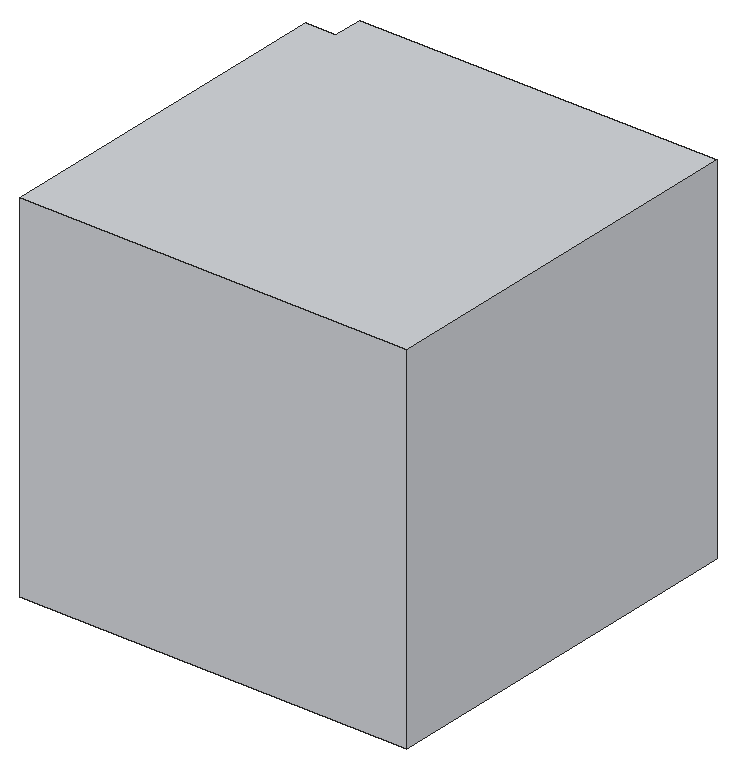
Revit family "M_Rectangular Elbow - Mitered - Double Thickness Vanes", category Duct Fittings, Revit 2014
Parameters (values of type "Standard")
  Vanes Space [instance] = Vanes Radius  # 75 mm
  Duct Width [instance] = 300 mm
  Shoulder Length [instance] = 25 mm
  Number [instance] = if((Length 1 + Length 2) / Vanes Space > 2, (Length 1 + Length 2) / Vanes Space, 2)  # 4
  Length 2 [instance] = if((Half Duct Width - Vanes Radius) > 0 mm, Half Duct Width - Vanes Radius, 25 mm)  # 75 mm
  Length 1 [instance] = Half Duct Width + Vanes Radius / 2  # 187.5 mm
  Duct Length1 [instance] = tan(Angle / 2) * Duct Width / 2 + Shoulder Length  # 175 mm
  Vanes Radius [instance] = Duct Width / 4  # 75 mm
  Duct Height [instance] = 300 mm
  Half Duct Width [instance] = Duct Width / 2  # 150 mm
  Half Duct Length 1 [instance] = Duct Length1 / 2  # 87.5 mm
  Half Duct Height [instance] = Duct Height / 2  # 150 mm
  Angle 2 [instance] = Angle / 2  # 45.00°
  Angle [instance] = 90.00°
Reference planes
  plane 1 "Center (Front/Back)": y = 0
  plane 2: z = 0
  plane 3 "Center (Left/Right)": x = 0
  plane 4: x = -175
Forms (mm)
  Sweep 1, solid, detail levels medium+fine
    path in 3D
      loop
        line (-175, 0, 0) -> (0, 0, 0) -> (0, 175, 0)
    profile "M_Duct - Rectangular : Duct - Rectangular" origin (-87.5, 0, 0) x (0, 1, 0) y (0, 0, 1)
      loop
        line (-150, 150) -> (-150, -150) -> (150, -150) -> (150, 150) -> (-150, 150)
Lines and regions (mm)
  reference lines
    curve 1: line (-175, 0, 0) -> (0, 0, 0)
    curve 6: line (0, 0, 0) -> (-132.583, 132.583, 0)
    curve 7: line (0, 0, 0) -> (53.033, -53.033, 0)
    curve 8: line (-132.583, 132.583, 0) -> (-186.464, 78.701, 0)
    curve 9: line (-79.55, 79.55, 0) -> (-133.431, 25.668, 0)
  model lines, style "DuctFitting", detail levels coarse
    curve 2: line (0, 0, 0) -> (0, 175, 0)
    curve 5: line (-175, 0, 0) -> (0, 0, 0)
  sketch lines
    curve 3: line (-175, 0, 0) -> (0, 0, 0)
    curve 4: line (0, 0, 0) -> (0, 175, 0)
  model lines, detail levels coarse
    curve 10: line (0, 0, 0) -> (-61.872, 61.872, 0)
    curve 11: line (0, 0, 0) -> (61.872, -61.872, 0)
Dimensions and locks
  "Duct Length1": plane 4 to plane 3 "Center (Left/Right)"
  "Duct Length1": curve 2 to curve 2
  "Length 1": curve 6 to curve 6
  "Length 2": curve 7 to curve 7
  "Vanes Space": curve 8 to curve 9
  "Half Duct Length 1": curve 10 to curve 10
  "Half Duct Length 1": curve 11 to curve 11
  equal spacing: group 1, group 2, group 3, group 4  (x2)
  equal spacing: group 4, group 3, group 2, group 1
  "Angle": angle plane 1 "Center (Front/Back)" to curve 2
  "Angle 2": angle plane 3 "Center (Left/Right)" to curve 7
  "Angle 2": angle plane 3 "Center (Left/Right)" to curve 6
  locked: curve 6 to curve 8 (angle 90.00°)
  locked: curve 9 to curve 6 (angle 90.00°)
  "Angle 2": angle plane 3 "Center (Left/Right)" to curve 10
  "Angle 2": angle plane 3 "Center (Left/Right)" to curve 11
  aligned and locked: plane 1 "Center (Front/Back)" to curve 1
  aligned and locked: plane 3 "Center (Left/Right)" to curve 1
  aligned and locked: plane 4 to curve 1
  aligned and locked: curve 5 to curve 1
  aligned and locked: nested 1 to curve 8  (x2)
  aligned and locked: nested 2 to curve 9  (x2)
Automatic sketch dimensions
  curve 5 to plane 4 = 0 mm
  curve 11 to plane 3 "Center (Left/Right)" = 0 mm
Nested families
  nested 1: "M_Duct - Double Vanes" at (-132.583, 132.583, 0), Radius <- "Vanes Radius", Height <- "Half Duct Height", Angle <- "Angle", type "Duct - Double Vanes", detail levels medium+fine
    with Radius 75 mm, Height 150 mm, Half Radius Length 37.5 mm, Half Radius 37.5 mm, Angle 90.00°
  nested 2: "M_Duct - Double Vanes" at (-79.55, 79.55, 0), Radius <- "Vanes Radius", Height <- "Half Duct Height", Angle <- "Angle", type "Duct - Double Vanes", detail levels medium+fine
    with Radius 75 mm, Height 150 mm, Half Radius Length 37.5 mm, Half Radius 37.5 mm, Angle 90.00°
  nested 3: "M_Duct - Double Vanes" at (-26.517, 26.517, 0), Radius <- "Vanes Radius", Height <- "Half Duct Height", Angle <- "Angle", type "Duct - Double Vanes", detail levels medium+fine
    with Radius 75 mm, Height 150 mm, Half Radius Length 37.5 mm, Half Radius 37.5 mm, Angle 90.00°
  nested 4: "M_Duct - Double Vanes" at (26.517, -26.517, 0), Radius <- "Vanes Radius", Height <- "Half Duct Height", Angle <- "Angle", type "Duct - Double Vanes", detail levels medium+fine
    with Radius 75 mm, Height 150 mm, Half Radius Length 37.5 mm, Half Radius 37.5 mm, Angle 90.00°
Connectors
  hvac at (-175, 0, 0), driven by "Duct Height", driven by "Duct Width", driven by "Angle"
    settings: on Sweep 1, index 1, duct flow 0.0 L/s, flow factor 0, pres drop 0.0 Pa, loss coef 0, conn angle 90.00°, conn width 300 mm, conn height 300 mm, conn diameter 609.6 mm, duct sys type 28, conn prof type 1, flow config 0, flow direction 0, loss method 0, conn ref index 2, conn util no, is conn primary yes, conn desc ""
  hvac at (0, 175, 0), driven by "Duct Height", driven by "Duct Width", driven by "Angle"
    settings: on Sweep 1, index 2, duct flow 0.0 L/s, flow factor 0, pres drop 0.0 Pa, loss coef 0, conn angle 90.00°, conn width 300 mm, conn height 300 mm, conn diameter 609.6 mm, duct sys type 28, conn prof type 1, flow config 0, flow direction 0, loss method 0, conn ref index 1, conn util no, is conn primary no, conn desc ""
Definition of nested family "M_Duct - Double Vanes"
  Parameters (values of type "Duct - Double Vanes")
    Radius [instance] = 19.05 mm
    Half Radius Length [instance] = Half Radius * tan(Angle / 2)  # 9.525 mm
    Half Radius [instance] = Radius / 2  # 9.525 mm
    Height [instance] = 25.4 mm
    Assembly Code = ""
    Angle [instance] = 90.00°
  Reference planes
    plane 1 "Center (Front/Back)": y = 0
    plane 2: z = 0
    plane 3 "Center (Left/Right)": x = 0
    plane 4: y = -19.05
    plane 5: x = 19.05
    plane 6: z = 25.4
    plane 7: z = -25.4
    plane 8: y = -9.525
    plane 9: x = 9.525
  Lines and regions (mm)
    model lines
      curve 1: arc (0, -19.05, 25.4) -> (13.47, -13.47, 25.4) -> (19.05, 0, 25.4) r 19.05
      curve 2: arc (19.05, -9.525, 25.4) -> (16.26, -16.26, 25.4) -> (9.525, -19.05, 25.4) r 9.525
      curve 3: line (0, -19.05, 25.4) -> (9.525, -19.05, 25.4)
      curve 4: line (19.05, -9.525, 25.4) -> (19.05, 0, 25.4)
      curve 5: arc (0, -19.05, -25.4) -> (13.47, -13.47, -25.4) -> (19.05, 0, -25.4) r 19.05
      curve 6: arc (9.525, -19.05, -25.4) -> (16.26, -16.26, -25.4) -> (19.05, -9.525, -25.4) r 9.525
      curve 7: line (0, -19.05, -25.4) -> (9.525, -19.05, -25.4)
      curve 8: line (19.05, -9.525, -25.4) -> (19.05, 0, -25.4)
  Dimensions and locks
    "Radius": plane 3 "Center (Left/Right)" to plane 5
    "Radius": plane 1 "Center (Front/Back)" to plane 4
    "Height": plane 6 to plane 2
    "Half Radius": plane 8 to plane 1 "Center (Front/Back)"
    "Half Radius Length": plane 3 "Center (Left/Right)" to plane 9
    "Half Radius Length": curve 4 to curve 4
    "Half Radius Length": curve 8 to curve 8
    "Height": plane 2 to plane 7
    "Radius": radius of curve 1
    "Half Radius": radius of curve 2
    "Radius": radius of curve 5
    "Half Radius": radius of curve 6
    "Angle": angle curve 1 to curve 1
    "Angle": angle curve 2 to curve 2
    "Angle": angle curve 3 to curve 4
    "Angle": angle curve 5 to curve 5
    "Angle": angle curve 6 to curve 6
    "Angle": angle curve 7 to curve 8
    aligned and locked: plane 1 "Center (Front/Back)" to curve 1
    aligned and locked: plane 3 "Center (Left/Right)" to curve 1
    aligned and locked: plane 9 to curve 2
    aligned and locked: plane 3 "Center (Left/Right)" to curve 3
    aligned and locked: plane 9 to curve 3
    aligned and locked: curve 3 to plane 4
    aligned and locked: plane 3 "Center (Left/Right)" to curve 5
    aligned and locked: plane 8 to curve 6
    aligned and locked: plane 9 to curve 6
    aligned and locked: plane 3 "Center (Left/Right)" to curve 7
    aligned and locked: plane 9 to curve 7
    aligned and locked: plane 1 "Center (Front/Back)" to curve 5
